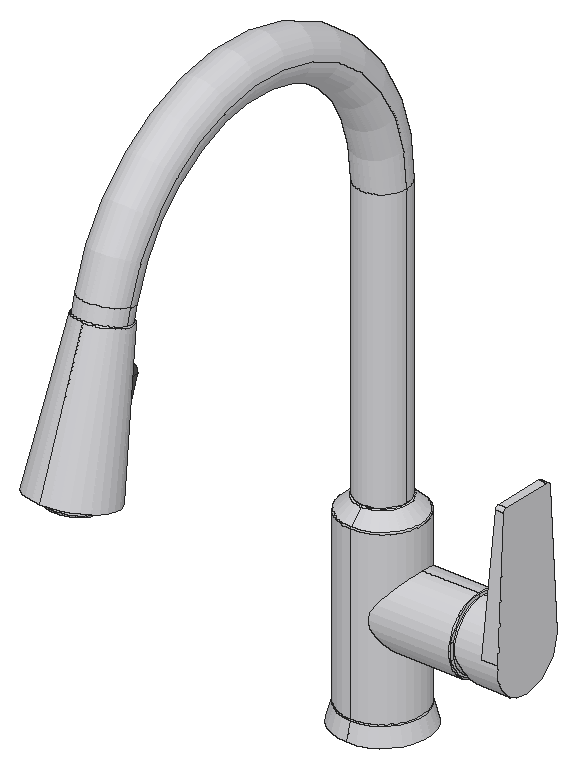
Revit family "Faucet-Kitchen-KOHLER-Taut-K-21367M", category Plumbing Fixtures, host Face, Revit 2017
Family settings
  Host = Face
  Round Connector Dimension = Use Diameter
  Part Type = Normal
  OmniClass Number = 23.31.11.00
  OmniClass Title = Faucets
  Cut with Voids When Loaded = No
  Shared = No
  Room Calculation Point = No
Parameters (values of type "CP-Polished Chrome")
  Width = 2"  # constant formula
  WaterSense Certified = 1 = 0  # no
  Waste Water Outlet = "Waste Water Outlet"  # constant formula
  Waste Connection = 1 = 0  # no
  Vent Connection = 1 = 0  # no
  URL = "https://la.kohler.com/es?country=MX"
  Type = 1
  Spout Reach = 8 189/256"  # constant formula
  Product Page URL = "https://la.kohler.com/es/product-detail/21367m-4?skuid=K-21367M-4-CP"
  Product Name = "Taut"  # constant formula
  Product Documentation Link = "http://resources.kohler.com/plumbing/kohlerla/pdf/21367T-4%20Taut%20Kitchen%20Pull%20Spec%20Sheet.pdf"
  Pressure = 60.00 psi  # constant formula
  Model = "K-21367M-4-CP"  # constant formula
  Material = "Premium Metal Construction"  # constant formula
  Master Format 2014 Name = "Residential Faucets, Supplies, and Trim"  # constant formula
  Master Format 2014 = "22 41 39"  # constant formula
  Manufacturer Address = "KOHLER Co. 444 Highland Dr. Kohler, WI 53044"  # constant formula
  Manufacturer = "KOHLER Co."  # constant formula
  Length = Spout Reach  # 8 189/256"
  Hot Water Inlet = "Hot Water Inlet"  # constant formula
  Height = 15 81/256"  # constant formula
  Handle Clearance = 3 19/128"  # constant formula
  HW Connection = 1 = 1  # yes
  Flow Rate = 6.8 GPM  # constant formula
  Finish = Kohler-Metal-CP-Polished_Chrome
  Environmental Product Declaration = ""
  Drain Included = 1 = 0  # no
  Description = "Extensible kitchen faucet"  # constant formula
  Default Elevation = 36"
  Declare Label = ""
  Date Modified = "10/08/2020"  # constant formula
  Date Created = "10/08/2020"  # constant formula
  Copyright = "Copyright KOHLER Co."  # constant formula
  Contact Us = "https://la.kohler.com/es/contact-us-page"
  Cold Water Inlet = "Cold Water Inlet"  # constant formula
  CW Connection = 1 = 1  # yes
  Assembly Code = "D2010"
  ADA Compliant = 1 = 0  # no
Reference planes (in)
  plane 1 "Center (Front/Back)": y = 0
  plane 2: z = 0
  plane 3 "Center (Left/Right)": x = 0
  plane 4: y = 1.00394
  plane 5: y = 0.55118
  plane 6: y = -0.55118
  plane 7: y = -1.00394
  plane 8: y = -8.73828
  plane 9: x = 3.22835
  plane 10: x = 1.00394
  plane 11: x = 0.88583
  plane 12: x = 0.64453
  plane 13: x = -0.55118
  plane 14: x = -0.64453
  plane 15: x = -0.88583
  plane 16: x = -0.99606
  plane 17: z = 15.31641
  plane 18: z = 8.07087
  plane 19: z = 5.62875
  plane 20: z = 2.48031
  plane 21: through (0, -9.6463, 12.00634) normal (0, -0.2588, -0.9659)
  plane 22: through (0, -6.79728, 15.31478) normal (0, -0.9659, 0.2588)
Dimensions and locks (in)
  nested 1 to plane 9 = 3.22835"
  plane 7 to plane 4 = 2.00787"
  "Height": plane 17 to level
  plane 20 to level = 2.48031"
  "Handle Clearance": plane 19 to plane 20
  "Spout Reach": plane 1 "Center (Front/Back)" to plane 8
  "Width": plane 16 to plane 10
  plane 9 to plane 3 "Center (Left/Right)" = 3.22835"
  locked: plane 18 to plane 2 at 8.07087
  locked: nested 1 to plane 21 at 3.34646
  aligned and locked: plane 2 to host face
  aligned and locked: level to host face
Automatic sketch dimensions
  host sketch curve to host sketch curve = 96"  (x2)
Nested families (in)
  nested 1: "K-21367M" at (0, 0, 0), type "K-21367M"
Connectors (in)
  piping at (-0.64308, 0, 0), diameter 0.5, driven by "Flow Rate", driven by "Pressure", driven by "HW Connection", driven by "Hot Water Inlet", driven by "HW Connection"
    settings: on nested 1, index 1, connector inside diameter 24", connector length 0", flow factor 0, pipe flow 6.8 GPM, pressure drop 60.00 psi, fitting loss kfactor 0, connector angle 0.00°, fixture units 0, engagement length 0", angle of deflection 0.00°, flow configuration 1, flow direction 1, fitting loss method 4, system type 19, joint type 0, gender type 0, connector reference index -1, connector utility 1, adjustable connector yes, is connector primary yes, connector description "Hot Water Inlet"
  piping at (0.64308, 0, 0), diameter 0.5, driven by "Flow Rate", driven by "Pressure", driven by "CW Connection", driven by "Cold Water Inlet", driven by "CW Connection"
    settings: on nested 1, index 2, connector inside diameter 24", connector length 0", flow factor 0, pipe flow 6.8 GPM, pressure drop 60.00 psi, fitting loss kfactor 0, connector angle 0.00°, fixture units 0, engagement length 0", angle of deflection 0.00°, flow configuration 1, flow direction 1, fitting loss method 4, system type 20, joint type 0, gender type 0, connector reference index -1, connector utility 1, adjustable connector yes, is connector primary no, connector description "Cold Water Inlet"
Definition of nested family "K-21367M"
  Parameters (values of type "K-21367M")
    Material = none
  Reference planes (in)
    plane 1 "Center (Front/Back)": y = 0
    plane 2: z = 0
    plane 3 "Center (Left/Right)": x = 0
    plane 4: x = 3.22835
    plane 5: x = 1.00394
    plane 6: x = -1.00394
    plane 7: y = 1.00394
    plane 8: y = -1.00394
    plane 9: y = -8.74016
    plane 10: y = 0.55118
    plane 11: y = -0.55118
    plane 12: z = 15.31496
    plane 13: z = 8.07087
    plane 14: z = 5.62992
    plane 15: z = 2.48031
    plane 16: z = 4.52756
    plane 17: x = -0.55118
    plane 18: x = 0.55118
    plane 19: x = -0.88583
    plane 20: x = 0.88583
    plane 21: through (0, -8.74016, 8.07087) normal (0, 0.9659, -0.2588)
    plane 22 "nozzel skech": through (0, -7.85543, 8.06197) normal (0, 0.2588, 0.9659)
    plane 23: through (0, -6.29585, 11.10859) normal (0, 0.2588, 0.9659)
    plane 24: x = -0.64453
    plane 25: x = 0.64453
  Forms (in)
    Revolve 1, solid, material <- "Material", detail levels coarse
      sketch origin (0, 0, 0) x (0, 1, 0) y (0, 0, 1)
        loop
          line (-8.74016, 8.07087) -> (-7.81699, 11.51618) -> (-8.38021, 11.66709) -> (-9.6463, 8.31367) -> (-8.74016, 8.07087)
        axis (-7.81699, 11.51618) -> (-8.74016, 8.07087)
      angle from 0 to 360
    Revolve 2, solid, material <- "Material", detail levels medium+fine
      sketch origin (0, 0, 0) x (0, 1, 0) y (0, 0, 1)
        loop
          line (0, 0) -> (1.00394, 0) -> (0.89036, 0.37858)
          arc (0.89036, 0.37858) -> (0.88697, 0.39386) -> (0.88583, 0.40947) r 0.10751
          line (0.88583, 0.40947) -> (0.88583, 4.21215)
          arc (0.88583, 4.21215) -> (0.88195, 4.23057) -> (0.87097, 4.24586) r 0.04569
          line (0.87097, 4.24586) -> (0.57628, 4.51543)
          arc (0.57628, 4.51543) -> (0.5618, 4.52442) -> (0.54504, 4.52756) r 0.04628
          line (0.54504, 4.52756) -> (0.39377, 4.52756) -> (0.39377, 4.58981) -> (0, 4.58981) -> (0, 0)
        axis (0, 4.58981) -> (0, 0)
      angle from 0 to 360
    Sweep 3, solid, material <- "Material", detail levels medium+fine
      path origin (0, 0, 0) x (0, 1, 0) y (0, 0, 1)
        loop
          line (0, 4.55906) -> (0, 10.83294)
          arc (0, 10.83294) -> (-3.41764, 14.73001) -> (-7.72747, 11.85028) r 3.9307
          line (-7.72747, 11.85028) -> (-8.32648, 9.61475)
      profile origin (0, 0, 7.696) x (0, -1, 0) y (1, 0, 0)
        loop
          circle (0, 0) r 0.55118
    Extrusion 4, solid, detail levels medium+fine
      sketch origin (0, 1.48928, 5.55806) x (0, 0.965926, -0.258819) y (-1, 0, 0)
        loop
          circle (-9.93592, -0.00296) r 0.05078
        loop
          circle (-9.95697, -0.15694) r 0.05078
        loop
          circle (-10.01715, -0.30022) r 0.05078
        loop
          circle (-10.11237, -0.42305) r 0.05078
        loop
          circle (-10.23614, -0.51704) r 0.05078
        loop
          circle (-10.38001, -0.5758) r 0.05078
        loop
          circle (-10.5342, -0.59532) r 0.05078
        loop
          circle (-10.68818, -0.57427) r 0.05078
        loop
          circle (-10.83146, -0.51408) r 0.05078
        loop
          circle (-10.95428, -0.41886) r 0.05078
        loop
          circle (-11.04828, -0.2951) r 0.05078
        loop
          circle (-11.10704, -0.15122) r 0.05078
        loop
          circle (-11.12656, 0.00296) r 0.05078
        loop
          circle (-11.10551, 0.15694) r 0.05078
        loop
          circle (-11.04532, 0.30022) r 0.05078
        loop
          circle (-10.9501, 0.42305) r 0.05078
        loop
          circle (-10.82634, 0.51704) r 0.05078
        loop
          circle (-10.68246, 0.5758) r 0.05078
        loop
          circle (-10.52828, 0.59532) r 0.05078
        loop
          circle (-10.3743, 0.57427) r 0.05078
        loop
          circle (-10.23102, 0.51408) r 0.05078
        loop
          circle (-10.10819, 0.41886) r 0.05078
        loop
          circle (-10.0142, 0.2951) r 0.05078
        loop
          circle (-9.95544, 0.15122) r 0.05078
      from -0.06417 to 0.14173
    Revolve 5, solid, material <- "Material", detail levels medium+fine
      sketch origin (0, 0, 0) x (1, 0, 0) y (0, 0, 1)
        loop
          line (0, 2.48031) -> (2.55906, 2.48031) -> (2.55906, 3.04831)
          arc (2.55906, 3.04831) -> (2.55405, 3.06859) -> (2.54017, 3.0842) r 0.04353
          arc (2.54017, 3.0842) -> (2.36115, 3.17939) -> (2.16535, 3.23203) r 0.89853
          line (2.16535, 3.23203) -> (2.16535, 3.28716)
          arc (2.16535, 3.28716) -> (2.15952, 3.30125) -> (2.14543, 3.30709) r 0.01993
          line (2.14543, 3.30709) -> (0, 3.30709) -> (0, 2.48031)
        axis (0, 2.48031) -> (2.55906, 2.48031)
      angle from 0 to 360
    Revolve 6, solid, material <- "Material", detail levels medium+fine
      sketch origin (0, 0, 0) x (1, 0, 0) y (0, 0, 1)
        loop
          line (2.26969, 3.30709) -> (2.26969, 2.48031) -> (3.22842, 2.48031) -> (3.22842, 3.30709) -> (2.26969, 3.30709)
        axis (2.26969, 2.48031) -> (3.22842, 2.48031)
      angle from 0 to 360
    Extrusion 7, void
      sketch origin (0, 0, 0) x (1, 0, 0) y (0, 0, 1)
        loop
          line (2.68503, 1.60499) -> (2.30922, 2.41093)
          arc (2.30922, 2.41093) -> (2.27969, 2.49792) -> (2.26969, 2.58925) r 0.42193
          line (2.26969, 2.58925) -> (2.22607, 2.58925) -> (2.22607, 1.60499) -> (2.68503, 1.60499)
      from -0.9794 to 1.02401
    Extrusion 8, solid, material <- "Material", detail levels medium+fine
      sketch origin (0, 0, 0) x (0, 1, 0) y (0, 0, 1)
        loop
          arc (-0.56614, 5.62992) -> (-0.61879, 5.60903) -> (-0.64278, 5.55773) r 0.07678
          line (-0.64278, 5.55773) -> (-0.82677, 2.48031)
          arc (-0.82677, 2.48031) -> (0.02488, 1.65392) -> (0.82527, 2.53006) r 0.82677
          line (0.82527, 2.53006) -> (0.64298, 5.55436)
          arc (0.64298, 5.55436) -> (0.61785, 5.60806) -> (0.56273, 5.62992) r 0.0804
          line (0.56273, 5.62992) -> (-0.56614, 5.62992)
      from 2.78365 to 3.22835
    Extrusion 9, void
      sketch origin (0, 0, 0) x (1, 0, 0) y (0, 0, 1)
        loop
          line (2.81016, 1.46115) -> (3.06095, 5.87251) -> (2.74674, 5.87251) -> (2.74674, 1.46115) -> (2.81016, 1.46115)
      from -1.11444 to 1.40097
    Extrusion 10, void
      sketch origin (0, 0, 0) x (1, 0, 0) y (0, 1, 0)
        loop
          circle (2.70484, 0) r 0.14358
      from 3.2658 to 3.50303
    Extrusion 11, solid
      sketch origin (0, 0, 0) x (1, 0, 0) y (0, 0, 1)
        loop
          arc (-0.27559, 9.31322) -> (0, 9.03763) -> (0.27559, 9.31322) r 0.27559
          line (0.27559, 9.31322) -> (0.27559, 10.19978)
          arc (0.27559, 10.19978) -> (0, 10.47537) -> (-0.27559, 10.19978) r 0.27559
          line (-0.27559, 10.19978) -> (-0.27559, 9.31322)
      from 6.85497 to 7.86597
    Extrusion 12, void
      sketch origin (0, 0, 0) x (0, 1, 0) y (0, 0, 1)
        loop
          line (-7.63561, 9.0376) -> (-7.53104, 8.93303) -> (-6.67754, 8.93303) -> (-6.67754, 10.48369) -> (-7.35003, 10.48369)
          arc (-7.35003, 10.48369) -> (-7.20822, 10.35878) -> (-7.20094, 10.16995) r 0.23977
          line (-7.20094, 10.16995) -> (-7.63561, 9.0376)
        loop
          line (-7.78201, 8.97863) -> (-7.53322, 10.49426) -> (-7.92016, 10.49426) -> (-7.92016, 8.97863) -> (-7.78201, 8.97863)
      from -0.9086 to 0.92741
    Revolve 13, solid, material <- "Material", detail levels medium+fine
      sketch origin (0, 0, 0) x (0, 1, 0) y (0, 0, 1)
        loop
          arc (-7.12863, 11.79266) -> (-7.12078, 11.90656) -> (-7.15637, 12.01504) r 0.29769
          line (-7.15637, 12.01504) -> (-7.22483, 12.03338) -> (-7.27856, 11.83284) -> (-7.12863, 11.79266)
        axis (-7.12863, 11.79266) -> (-7.27856, 11.83284)
      angle from 0 to 360
    Extrusion 14, solid, material <- "Material", detail levels medium+fine
      sketch origin (0, 0, 0) x (1, 0, 0) y (0, 1, 0)
        loop
          circle (-0.64308, 0) r 0.25
        loop
          circle (0.64308, 0) r 0.25
      from 0 to 0.09869
    Revolve 15, solid, material <- "Material", detail levels coarse
      sketch origin (0, 0, 0) x (0, 1, 0) y (0, 0, 1)
        loop
          line (0, 0) -> (1.00394, 0) -> (0.88583, 0.39369) -> (0.88583, 4.58981) -> (0, 4.58981) -> (0, 0)
        axis (0, 4.58981) -> (0, 0)
      angle from 0 to 360
    Revolve 16, solid, material <- "Material", detail levels coarse
      sketch origin (0, 0, 0) x (1, 0, 0) y (0, 0, 1)
        loop
          line (0, 2.48031) -> (3.22842, 2.48031) -> (3.22842, 3.30709) -> (0, 3.30709) -> (0, 2.48031)
        axis (0, 2.48031) -> (3.22842, 2.48031)
      angle from 0 to 360
    Extrusion 17, solid, material <- "Material", detail levels coarse
      sketch origin (0.04134, 0, 0) x (0, 1, 0) y (0, 0, 1)
        loop
          arc (-0.56614, 5.62992) -> (-0.61879, 5.60903) -> (-0.64278, 5.55773) r 0.07678
          line (-0.64278, 5.55773) -> (-0.82677, 2.48031)
          arc (-0.82677, 2.48031) -> (0.02488, 1.65392) -> (0.82527, 2.53006) r 0.82677
          line (0.82527, 2.53006) -> (0.64298, 5.55436)
          arc (0.64298, 5.55436) -> (0.61785, 5.60806) -> (0.56273, 5.62992) r 0.0804
          line (0.56273, 5.62992) -> (-0.56614, 5.62992)
      from 2.78365 to 3.22835
    Sweep 18, solid, material <- "Material", detail levels coarse
      path origin (0, 0, 0) x (0, 1, 0) y (0, 0, 1)
        loop
          line (0, 4.55906) -> (0, 10.83294)
          arc (0, 10.83294) -> (-3.41764, 14.73001) -> (-7.72747, 11.85028) r 3.9307
          line (-7.72747, 11.85028) -> (-8.24511, 9.91842)
      profile origin (0, 0, 7.696) x (0, -1, 0) y (1, 0, 0)
        loop
          circle (0, 0) r 0.55118
    Revolve 19, solid, material <- "Material", detail levels medium+fine
      sketch origin (0, 0, 0) x (0, 1, 0) y (0, 0, 1)
        loop
          line (-8.74016, 8.07087) -> (-7.81699, 11.51618) -> (-8.3609, 11.66192)
          arc (-8.3609, 11.66192) -> (-8.37669, 11.66024) -> (-8.38727, 11.64839) r 0.02207
          line (-8.38727, 11.64839) -> (-9.56807, 8.52087) -> (-9.38571, 8.47201)
          arc (-9.38571, 8.47201) -> (-9.35916, 8.47379) -> (-9.33925, 8.49143) r 0.04118
          line (-9.33925, 8.49143) -> (-9.18017, 8.44881)
          arc (-9.18017, 8.44881) -> (-9.1703, 8.4231) -> (-9.1472, 8.4081) r 0.04456
          arc (-9.1472, 8.4081) -> (-9.13525, 8.39893) -> (-9.13329, 8.384) r 0.01968
          line (-9.13329, 8.384) -> (-9.17906, 8.21316)
          arc (-9.17906, 8.21316) -> (-9.17668, 8.19506) -> (-9.1622, 8.18395) r 0.02385
          line (-9.1622, 8.18395) -> (-8.74016, 8.07087)
        axis (-7.81699, 11.51618) -> (-8.74016, 8.07087)
      angle from 0 to 360
  Cuts and joins
    Extrusion 7, Extrusion 10 cuts Revolve 6
    Extrusion 9 cuts Extrusion 8
    joined: Revolve 2, Sweep 3, Revolve 5, Revolve 6, Extrusion 8, Revolve 13, Revolve 19
    joined: Revolve 15, Extrusion 17, Sweep 18
    joined: Revolve 1, Revolve 16
    Extrusion 12 cuts Extrusion 11
  Lines and regions (in)
    Masking region 1
      outline origin (0, 0, 0) x (1, 0, 0) y (0, 1, 0)
        loop
          line (-0.55118, -7.6429) -> (-0.88583, -8.74016)
          spline (-0.88583, -8.74016) -> (-0.85564, -8.95315) -> (-0.76715, -9.15162) -> (-0.62637, -9.32206) -> (-0.44291, -9.45283) -> (-0.22927, -9.53505) -> (0, -9.56309) -> (0.22927, -9.53505) -> (0.44291, -9.45283) -> (0.62637, -9.32206) -> (0.76715, -9.15162) -> (0.85564, -8.95315) -> (0.88583, -8.74016)
          line (0.88583, -8.74016) -> (0.55118, -7.6429) -> (0.55118, -0.82677) -> (2.14502, -0.82677)
          arc (2.14502, -0.82677) -> (2.1594, -0.82082) -> (2.16535, -0.80644) r 0.02033
          line (2.16535, -0.80644) -> (2.16535, -0.75172)
          arc (2.16535, -0.75172) -> (2.21779, -0.74155) -> (2.26969, -0.7289) r 1.11815
          line (2.26969, -0.7289) -> (2.26969, -0.80654)
          arc (2.26969, -0.80654) -> (2.27561, -0.82085) -> (2.28992, -0.82677) r 0.02023
          line (2.28992, -0.82677) -> (3.20712, -0.82677)
          arc (3.20712, -0.82677) -> (3.22218, -0.82053) -> (3.22842, -0.80547) r 0.0213
          line (3.22842, -0.80547) -> (3.22842, 0.80545)
          arc (3.22842, 0.80545) -> (3.22217, 0.82053) -> (3.20709, 0.82677) r 0.02132
          line (3.20709, 0.82677) -> (2.28992, 0.82677)
          arc (2.28992, 0.82677) -> (2.27561, 0.82085) -> (2.26969, 0.80654) r 0.02023
          line (2.26969, 0.80654) -> (2.26969, 0.7289)
          arc (2.26969, 0.7289) -> (2.21779, 0.74155) -> (2.16535, 0.75172) r 1.11815
          line (2.16535, 0.75172) -> (2.16535, 0.80644)
          arc (2.16535, 0.80644) -> (2.1594, 0.82082) -> (2.14502, 0.82677) r 0.02033
          line (2.14502, 0.82677) -> (0.56951, 0.82677)
          arc (0.56951, 0.82677) -> (-0.83299, 0.56038) -> (-0.55118, -0.8391) r 1.00394
          line (-0.55118, -0.8391) -> (-0.55118, -7.6429)
    Masking region 2
      outline origin (0, 0, 0) x (1, 0, 0) y (0, 0, 1)
        loop
          line (1.00394, 0) -> (0.89049, 0.38268)
          arc (0.89049, 0.38268) -> (0.887, 0.3986) -> (0.88583, 0.41485) r 0.11318
          line (0.88583, 0.41485) -> (0.88583, 1.53619)
          arc (0.88583, 1.53619) -> (0.9202, 1.61917) -> (1.00318, 1.65354) r 0.11735
          line (1.00318, 1.65354) -> (2.14518, 1.65354)
          arc (2.14518, 1.65354) -> (2.15945, 1.65945) -> (2.16535, 1.67371) r 0.02017
          line (2.16535, 1.67371) -> (2.16535, 1.7286)
          arc (2.16535, 1.7286) -> (2.36915, 1.78387) -> (2.55414, 1.88568) r 0.88836
          line (2.55414, 1.88568) -> (2.65419, 1.67113)
          arc (2.65419, 1.67113) -> (2.66543, 1.65831) -> (2.6818, 1.65354) r 0.03047
          line (2.6818, 1.65354) -> (3.20849, 1.65354)
          arc (3.20849, 1.65354) -> (3.22258, 1.65938) -> (3.22842, 1.67347) r 0.01993
          line (3.22842, 1.67347) -> (3.22842, 5.61034)
          arc (3.22842, 5.61034) -> (3.22268, 5.62418) -> (3.20883, 5.62992) r 0.01959
          line (3.20883, 5.62992) -> (3.06678, 5.62992)
          arc (3.06678, 5.62992) -> (3.05252, 5.62425) -> (3.04605, 5.61033) r 0.02077
          line (3.04605, 5.61033) -> (2.9151, 3.30709) -> (2.84842, 3.30709)
          arc (2.84842, 3.30709) -> (2.70484, 3.29329) -> (2.56126, 3.30709) r 0.75421
          line (2.56126, 3.30709) -> (2.28993, 3.30709)
          arc (2.28993, 3.30709) -> (2.27562, 3.30116) -> (2.26969, 3.28684) r 0.02025
          line (2.26969, 3.28684) -> (2.26969, 3.21026)
          arc (2.26969, 3.21026) -> (2.21785, 3.22271) -> (2.16535, 3.23203) r 0.88836
          line (2.16535, 3.23203) -> (2.16535, 3.28692)
          arc (2.16535, 3.28692) -> (2.15945, 3.30118) -> (2.14518, 3.30709) r 0.02017
          line (2.14518, 3.30709) -> (1.00318, 3.30709)
          arc (1.00318, 3.30709) -> (0.9202, 3.34146) -> (0.88583, 3.42444) r 0.11735
          line (0.88583, 3.42444) -> (0.88583, 4.21193)
          arc (0.88583, 4.21193) -> (0.88191, 4.23055) -> (0.87082, 4.24601) r 0.04618
          line (0.87082, 4.24601) -> (0.57713, 4.51465)
          arc (0.57713, 4.51465) -> (0.56172, 4.52422) -> (0.5439, 4.52756) r 0.04924
          line (0.5439, 4.52756) -> (0.3937, 4.52756) -> (0.3937, 4.55906) -> (0.55118, 4.55906) -> (0.55118, 8.0986)
          spline (0.55118, 8.0986) -> (0.60155, 8.1082) -> (0.64854, 8.11861) -> (0.6919, 8.12978) -> (0.73136, 8.14163) -> (0.76673, 8.15411) -> (0.79779, 8.16715) -> (0.82437, 8.18066) -> (0.84633, 8.19458) -> (0.86354, 8.20882) -> (0.8759, 8.22331) -> (0.88334, 8.23796) -> (0.88583, 8.2527)
          line (0.88583, 8.2527) -> (0.5872, 11.47878)
          arc (0.5872, 11.47878) -> (0.57589, 11.52121) -> (0.55118, 11.55752) r 0.13104
          line (0.55118, 11.55752) -> (0.55118, 14.76407)
          arc (0.55118, 14.76407) -> (0, 15.31525) -> (-0.55118, 14.76407) r 0.55118
          line (-0.55118, 14.76407) -> (-0.55118, 11.55752)
          arc (-0.55118, 11.55752) -> (-0.57589, 11.52121) -> (-0.5872, 11.47878) r 0.13104
          line (-0.5872, 11.47878) -> (-0.88583, 8.2527)
          spline (-0.88583, 8.2527) -> (-0.88334, 8.23796) -> (-0.8759, 8.22331) -> (-0.86354, 8.20882) -> (-0.84633, 8.19458) -> (-0.82437, 8.18066) -> (-0.79779, 8.16715) -> (-0.76673, 8.15411) -> (-0.73136, 8.14163) -> (-0.6919, 8.12978) -> (-0.64854, 8.11861) -> (-0.60155, 8.1082) -> (-0.55118, 8.0986)
          line (-0.55118, 8.0986) -> (-0.55118, 4.55906) -> (-0.3937, 4.55906) -> (-0.3937, 4.52756) -> (-0.5439, 4.52756)
          arc (-0.5439, 4.52756) -> (-0.56172, 4.52422) -> (-0.57713, 4.51465) r 0.04924
          line (-0.57713, 4.51465) -> (-0.87082, 4.24601)
          arc (-0.87082, 4.24601) -> (-0.88191, 4.23055) -> (-0.88583, 4.21193) r 0.04618
          line (-0.88583, 4.21193) -> (-0.88583, 0.41485)
          arc (-0.88583, 0.41485) -> (-0.887, 0.3986) -> (-0.89049, 0.38268) r 0.11318
          line (-0.89049, 0.38268) -> (-1.00394, 0) -> (-0.02193, 0) -> (1.00394, 0)
    Masking region 3
      outline origin (0, 0, 0) x (0, 1, 0) y (0, 0, 1)
        loop
          line (-1.00394, 0) -> (1.00394, 0) -> (0.89036, 0.37858)
          arc (0.89036, 0.37858) -> (0.88697, 0.39386) -> (0.88583, 0.40947) r 0.10751
          line (0.88583, 0.40947) -> (0.88583, 4.21215)
          arc (0.88583, 4.21215) -> (0.88195, 4.23057) -> (0.87097, 4.24586) r 0.04569
          line (0.87097, 4.24586) -> (0.71315, 4.39023) -> (0.64298, 5.55436)
          arc (0.64298, 5.55436) -> (0.61349, 5.61188) -> (0.55118, 5.62909) r 0.0804
          line (0.55118, 5.62909) -> (0.55118, 10.83294)
          arc (0.55118, 10.83294) -> (-3.3457, 15.27647) -> (-8.25987, 11.99293) r 4.48188
          line (-8.25987, 11.99293) -> (-8.34043, 11.69226) -> (-8.3609, 11.66192)
          arc (-8.3609, 11.66192) -> (-8.37669, 11.66024) -> (-8.38727, 11.64839) r 0.02207
          line (-8.38727, 11.64839) -> (-9.5605, 8.54092)
          arc (-9.5605, 8.54092) -> (-9.55962, 8.52521) -> (-9.54738, 8.51532) r 0.0194
          line (-9.54738, 8.51532) -> (-9.3072, 8.45097) -> (-9.32381, 8.38899) -> (-9.1448, 8.34103) -> (-9.17906, 8.21316)
          arc (-9.17906, 8.21316) -> (-9.17668, 8.19506) -> (-9.1622, 8.18395) r 0.02385
          line (-9.1622, 8.18395) -> (-8.74016, 8.07087) -> (-8.31812, 7.95778)
          arc (-8.31812, 7.95778) -> (-8.30002, 7.96016) -> (-8.28891, 7.97465) r 0.02385
          line (-8.28891, 7.97465) -> (-8.25464, 8.10251) -> (-8.07564, 8.05454) -> (-8.05903, 8.11652) -> (-7.81886, 8.05217)
          arc (-7.81886, 8.05217) -> (-7.80332, 8.05461) -> (-7.79469, 8.06777) r 0.0194
          line (-7.79469, 8.06777) -> (-7.6356, 9.03763) -> (-7.20094, 10.16995)
          arc (-7.20094, 10.16995) -> (-7.20274, 10.34636) -> (-7.32475, 10.47378) r 0.23977
          line (-7.32475, 10.47378) -> (-7.40001, 10.47378) -> (-7.25701, 11.34554)
          arc (-7.25701, 11.34554) -> (-7.26025, 11.36108) -> (-7.27308, 11.37044) r 0.02207
          line (-7.27308, 11.37044) -> (-7.27563, 11.40695) -> (-7.20887, 11.65611)
          arc (-7.20887, 11.65611) -> (-7.13053, 11.78435) -> (-7.12564, 11.93455) r 0.29463
          arc (-7.12564, 11.93455) -> (-3.37222, 14.16599) -> (-0.55118, 10.83294) r 3.37952
          line (-0.55118, 10.83294) -> (-0.55118, 5.62845)
          arc (-0.55118, 5.62845) -> (-0.61306, 5.61392) -> (-0.64278, 5.55773) r 0.07678
          line (-0.64278, 5.55773) -> (-0.71255, 4.39078) -> (-0.87097, 4.24586)
          arc (-0.87097, 4.24586) -> (-0.88195, 4.23057) -> (-0.88583, 4.21215) r 0.04569
          line (-0.88583, 4.21215) -> (-0.88583, 0.40947)
          arc (-0.88583, 0.40947) -> (-0.88697, 0.39386) -> (-0.89036, 0.37858) r 0.10751
          line (-0.89036, 0.37858) -> (-1.00394, 0)
    symbolic lines, detail levels medium+fine
      curve 1: arc (-0.55118, 0, 0) -> (0, 0.55118, 0) -> (0.55118, 0, 0) r 0.55118
      curve 2: line (-0.55118, 0, 0) -> (-0.55118, -0.8391, 0)
      curve 3: line (0.55118, 0, 0) -> (0.55118, -0.82677, 0)
      curve 4: arc (0.55118, -0.69346, 0) -> (0, 0.88583, 0) -> (-0.55118, -0.69346, 0) r 0.88583
      curve 5: line (0.56951, 0.82677, 0) -> (0.31802, 0.82677, 0)
      curve 6: line (2.16535, 0.75172, 0) -> (2.16535, -0.75172, 0)
      curve 7: line (2.26969, 0.7289, 0) -> (2.26969, -0.72142, 0)
      curve 8: arc (2.56126, 0, 0) -> (2.70484, -0.14358, 0) -> (2.84842, 0, 0) r 0.14358
      curve 9: arc (2.84842, 0, 0) -> (2.70484, 0.14358, 0) -> (2.56126, 0, 0) r 0.14358
      curve 10: spline (2.9151, 0.0044, 0) -> (2.9147, 0.10788, 0) -> (2.91356, 0.20965, 0) -> (2.91171, 0.30811, 0) -> (2.90918, 0.40172, 0) -> (2.906, 0.48901, 0) -> (2.90222, 0.5686, 0) -> (2.89791, 0.63924, 0) -> (2.89313, 0.69983, 0) -> (2.88796, 0.7494, 0) -> (2.88248, 0.78719, 0) -> (2.87677, 0.81259, 0) -> (2.87093, 0.82521, 0)
      curve 11: spline (2.87365, -0.82094, 0) -> (2.87926, -0.80314, 0) -> (2.88471, -0.7735, 0) -> (2.88991, -0.73244, 0) -> (2.89479, -0.68057, 0) -> (2.89928, -0.61865, 0) -> (2.90331, -0.54761, 0) -> (2.90682, -0.46848, 0) -> (2.90977, -0.38244, 0) -> (2.9121, -0.29075, 0) -> (2.91378, -0.19476, 0) -> (2.91478, -0.09589, 0) -> (2.9151, 0.0044, 0)
      curve 12: line (3.04716, 0.56267, 0) -> (3.04716, -0.567, 0)
      curve 13: spline (3.04286, 0.64298, 0) -> (3.04343, 0.64174, 0) -> (3.04399, 0.63926, 0) -> (3.04453, 0.63555, 0) -> (3.04503, 0.6307, 0) -> (3.0455, 0.62476, 0) -> (3.04592, 0.61785, 0) -> (3.04628, 0.61005, 0) -> (3.04659, 0.60151, 0) -> (3.04684, 0.59235, 0) -> (3.04702, 0.58272, 0) -> (3.04712, 0.57277, 0) -> (3.04716, 0.56267, 0)
      curve 14: line (2.87093, 0.82527, 0) -> (3.04286, 0.64298, 0)
      curve 15: spline (3.04716, -0.567, 0) -> (3.04712, -0.57657, 0) -> (3.04701, -0.58598, 0) -> (3.04684, -0.59507, 0) -> (3.0466, -0.60372, 0) -> (3.04631, -0.61178, 0) -> (3.04595, -0.61912, 0) -> (3.04555, -0.62564, 0) -> (3.04511, -0.63122, 0) -> (3.04463, -0.63579, 0) -> (3.04412, -0.63928, 0) -> (3.0436, -0.64162, 0) -> (3.04306, -0.64278, 0)
      curve 16: line (3.04306, -0.64278, 0) -> (2.87365, -0.82094, 0)
      curve 17: line (3.04286, 0.64298, 0) -> (3.22842, 0.64298, 0)
      curve 18: line (3.04306, -0.64278, 0) -> (3.22835, -0.64278, 0)
      curve 19: spline (-0.55118, -7.6429, 0) -> (-0.5324, -7.74479, 0) -> (-0.47734, -7.83975, 0) -> (-0.38974, -7.92128, 0) -> (-0.27559, -7.98385, 0) -> (-0.14266, -8.02318, 0) -> (0, -8.0366, 0) -> (0.14266, -8.02318, 0) -> (0.27559, -7.98385, 0) -> (0.38974, -7.92128, 0) -> (0.47734, -7.83975, 0) -> (0.5324, -7.74479, 0) -> (0.55118, -7.6429, 0)
      curve 20: spline (-0.55118, -7.29841, 0) -> (-0.5324, -7.42916, 0) -> (-0.47734, -7.551, 0) -> (-0.38974, -7.65563, 0) -> (-0.27559, -7.73592, 0) -> (-0.14266, -7.78639, 0) -> (0, -7.8036, 0) -> (0.14266, -7.78639, 0) -> (0.27559, -7.73592, 0) -> (0.38974, -7.65563, 0) -> (0.47734, -7.551, 0) -> (0.5324, -7.42916, 0) -> (0.55118, -7.29841, 0)
      curve 21: line (-0.39377, 0, 4.55906) -> (0.3937, 0, 4.55906)
      curve 22: line (-0.3937, 0, 4.52756) -> (0.39377, 0, 4.52756)
      curve 23: line (-0.89049, 0, 0.38268) -> (0.89049, 0, 0.38268)
      curve 24: line (-0.88583, 0, 0.41485) -> (0.88583, 0, 0.41485)
      curve 25: line (0.87082, 0, 4.24601) -> (-0.87082, 0, 4.24601)
      curve 26: line (-0.88583, 0, 4.21193) -> (0.88583, 0, 4.21193)
      curve 27: line (0.9202, 0, 1.61917) -> (0.9202, 0, 3.34146)
      curve 28: line (2.16535, 0, 3.23203) -> (2.16535, 0, 1.7286)
      curve 29: line (2.26969, 0, 3.20991) -> (2.26969, 0, 2.58925)
      curve 30: arc (2.30922, 0, 2.41093) -> (2.27969, 0, 2.49792) -> (2.26969, 0, 2.58925) r 0.42193
      curve 31: line (2.55414, 0, 1.88568) -> (2.30922, 0, 2.41093)
      curve 32: spline (-0.14229, 0, 8.20507) -> (-0.3254, 0, 8.17425) -> (-0.43765, 0, 8.12395) -> (-0.45458, 0, 8.06512) -> (-0.3725, 0, 8.01059) -> (-0.2093, 0, 7.97225) -> (-0.00054, 0, 7.95844) -> (0.20828, 0, 7.97218) -> (0.37165, 0, 8.01047) -> (0.45397, 0, 8.06497) -> (0.4373, 0, 8.1238) -> (0.32527, 0, 8.17415) -> (0.14229, 0, 8.20503)
      curve 33: line (0.45969, 0, 8.08484) -> (0.45969, 0, 8.32344)
      curve 34: spline (-0.00296, 0, 8.38899) -> (-0.0161, 0, 8.38854) -> (-0.02835, 0, 8.38723) -> (-0.03887, 0, 8.38514) -> (-0.04694, 0, 8.38242) -> (-0.05201, 0, 8.37925) -> (-0.05374, 0, 8.37585) -> (-0.05201, 0, 8.37245) -> (-0.04694, 0, 8.36928) -> (-0.03887, 0, 8.36655) -> (-0.02835, 0, 8.36447) -> (-0.0161, 0, 8.36315) -> (-0.00296, 0, 8.36271)
      curve 35: spline (-0.00296, 0, 8.36271) -> (0.01018, 0, 8.36315) -> (0.02243, 0, 8.36447) -> (0.03295, 0, 8.36655) -> (0.04102, 0, 8.36928) -> (0.04609, 0, 8.37245) -> (0.04782, 0, 8.37585) -> (0.04609, 0, 8.37925) -> (0.04102, 0, 8.38242) -> (0.03295, 0, 8.38514) -> (0.02243, 0, 8.38723) -> (0.01018, 0, 8.38854) -> (-0.00296, 0, 8.38899)
      curve 36: spline (0.16437, 0, 8.38349) -> (0.15122, 0, 8.38394) -> (0.13808, 0, 8.38349) -> (0.12583, 0, 8.38218) -> (0.11532, 0, 8.38009) -> (0.10725, 0, 8.37737) -> (0.10217, 0, 8.3742) -> (0.10044, 0, 8.3708) -> (0.10217, 0, 8.36739) -> (0.10725, 0, 8.36422) -> (0.11532, 0, 8.3615) -> (0.12583, 0, 8.35941) -> (0.13808, 0, 8.3581)
      curve 37: spline (0.13808, 0, 8.3581) -> (0.15122, 0, 8.35765) -> (0.16437, 0, 8.3581) -> (0.17661, 0, 8.35941) -> (0.18713, 0, 8.3615) -> (0.1952, 0, 8.36422) -> (0.20027, 0, 8.36739) -> (0.202, 0, 8.3708) -> (0.20027, 0, 8.3742) -> (0.1952, 0, 8.37737) -> (0.18713, 0, 8.38009) -> (0.17661, 0, 8.38218) -> (0.16437, 0, 8.38349)
      curve 38: spline (0.26971, 0, 8.34421) -> (0.28196, 0, 8.34289) -> (0.2951, 0, 8.34245) -> (0.30824, 0, 8.34289) -> (0.32049, 0, 8.34421) -> (0.33101, 0, 8.34629) -> (0.33908, 0, 8.34902) -> (0.34415, 0, 8.35219) -> (0.34588, 0, 8.35559) -> (0.34415, 0, 8.35899) -> (0.33908, 0, 8.36216) -> (0.33101, 0, 8.36488) -> (0.32049, 0, 8.36697)
      curve 39: spline (0.32049, 0, 8.36697) -> (0.30824, 0, 8.36828) -> (0.2951, 0, 8.36873) -> (0.28196, 0, 8.36828) -> (0.26971, 0, 8.36697) -> (0.25919, 0, 8.36488) -> (0.25112, 0, 8.36216) -> (0.24605, 0, 8.35899) -> (0.24432, 0, 8.35559) -> (0.24605, 0, 8.35219) -> (0.25112, 0, 8.34902) -> (0.25919, 0, 8.34629) -> (0.26971, 0, 8.34421)
      curve 40: spline (0.46925, 0, 8.32962) -> (0.4685, 0, 8.33403) -> (0.46215, 0, 8.33813) -> (0.45091, 0, 8.34146) -> (0.43605, 0, 8.34363) -> (0.41925, 0, 8.3444) -> (0.40241, 0, 8.34369) -> (0.38742, 0, 8.34158) -> (0.37598, 0, 8.3383) -> (0.36939, 0, 8.33423) -> (0.36839, 0, 8.32982) -> (0.37309, 0, 8.32557) -> (0.38296, 0, 8.32197)
      curve 41: spline (0.38296, 0, 8.32197) -> (0.39021, 0, 8.32041) -> (0.39846, 0, 8.31923) -> (0.4074, 0, 8.31846) -> (0.41674, 0, 8.31813) -> (0.42616, 0, 8.31825) -> (0.43532, 0, 8.31883) -> (0.44392, 0, 8.31983) -> (0.45165, 0, 8.32122) -> (0.45825, 0, 8.32297) -> (0.4635, 0, 8.32499) -> (0.46721, 0, 8.32724) -> (0.46925, 0, 8.32962)
      curve 42: spline (0.56486, 0, 8.29947) -> (0.56313, 0, 8.30287) -> (0.55806, 0, 8.30604) -> (0.54999, 0, 8.30876) -> (0.53947, 0, 8.31085) -> (0.52723, 0, 8.31217) -> (0.51408, 0, 8.31261) -> (0.50094, 0, 8.31217) -> (0.48869, 0, 8.31085) -> (0.47818, 0, 8.30876) -> (0.47011, 0, 8.30604) -> (0.46503, 0, 8.30287) -> (0.4633, 0, 8.29947) -> (0.46503, 0, 8.29607) -> (0.47011, 0, 8.2929) -> (0.47818, 0, 8.29018) -> (0.48869, 0, 8.28809) -> (0.50094, 0, 8.28678) -> (0.51408, 0, 8.28633) -> (0.52723, 0, 8.28678) -> (0.53947, 0, 8.28809) -> (0.54999, 0, 8.29018) -> (0.55806, 0, 8.2929) -> (0.56313, 0, 8.29607) -> (0.56486, 0, 8.29947)
      curve 43: spline (0.625, 0, 8.26179) -> (0.62357, 0, 8.26554) -> (0.6181, 0, 8.26902) -> (0.60903, 0, 8.27197) -> (0.59711, 0, 8.27412) -> (0.58332, 0, 8.27532) -> (0.56878, 0, 8.27545) -> (0.5547, 0, 8.27451) -> (0.54222, 0, 8.27258) -> (0.53237, 0, 8.26981) -> (0.52596, 0, 8.26643) -> (0.52351, 0, 8.26272) -> (0.52522, 0, 8.25898)
      curve 44: spline (0.52502, 0, 8.25918) -> (0.52931, 0, 8.25627) -> (0.53613, 0, 8.25371) -> (0.54509, 0, 8.25163) -> (0.55569, 0, 8.25015) -> (0.56733, 0, 8.24937) -> (0.57936, 0, 8.24931) -> (0.59111, 0, 8.24999) -> (0.60191, 0, 8.25136) -> (0.61115, 0, 8.25335) -> (0.61833, 0, 8.25585) -> (0.62303, 0, 8.25872) -> (0.625, 0, 8.26179)
      curve 45: spline (0.6461, 0, 8.22253) -> (0.64437, 0, 8.22594) -> (0.6393, 0, 8.22911) -> (0.63123, 0, 8.23183) -> (0.62071, 0, 8.23392) -> (0.60846, 0, 8.23523) -> (0.59532, 0, 8.23568) -> (0.58218, 0, 8.23523) -> (0.56993, 0, 8.23392) -> (0.55941, 0, 8.23183) -> (0.55134, 0, 8.22911) -> (0.54627, 0, 8.22594) -> (0.54454, 0, 8.22253)
      curve 46: spline (0.54454, 0, 8.22253) -> (0.54627, 0, 8.21913) -> (0.55134, 0, 8.21596) -> (0.55941, 0, 8.21324) -> (0.56993, 0, 8.21115) -> (0.58218, 0, 8.20984) -> (0.59532, 0, 8.20939) -> (0.60846, 0, 8.20984) -> (0.62071, 0, 8.21115) -> (0.63123, 0, 8.21324) -> (0.6393, 0, 8.21596) -> (0.64437, 0, 8.21913) -> (0.6461, 0, 8.22253)
      curve 47: spline (0.62658, 0, 8.17955) -> (0.62485, 0, 8.18295) -> (0.61978, 0, 8.18612) -> (0.61171, 0, 8.18885) -> (0.60119, 0, 8.19094) -> (0.58894, 0, 8.19225) -> (0.5758, 0, 8.1927) -> (0.56266, 0, 8.19225) -> (0.55041, 0, 8.19094) -> (0.53989, 0, 8.18885) -> (0.53182, 0, 8.18612) -> (0.52675, 0, 8.18295) -> (0.52502, 0, 8.17955)
      curve 48: spline (0.52502, 0, 8.17955) -> (0.52675, 0, 8.17615) -> (0.53182, 0, 8.17298) -> (0.53989, 0, 8.17026) -> (0.55041, 0, 8.16817) -> (0.56266, 0, 8.16686) -> (0.5758, 0, 8.16641) -> (0.58894, 0, 8.16686) -> (0.60119, 0, 8.16817) -> (0.61171, 0, 8.17026) -> (0.61978, 0, 8.17298) -> (0.62485, 0, 8.17615) -> (0.62658, 0, 8.17955)
      curve 49: spline (0.55445, 0, 8.12652) -> (0.55952, 0, 8.12969) -> (0.56125, 0, 8.13309) -> (0.55952, 0, 8.13649) -> (0.55445, 0, 8.13966) -> (0.54638, 0, 8.14238) -> (0.53586, 0, 8.14447) -> (0.52361, 0, 8.14578) -> (0.51047, 0, 8.14623) -> (0.49733, 0, 8.14578) -> (0.48508, 0, 8.14447) -> (0.47456, 0, 8.14238) -> (0.46649, 0, 8.13966)
      curve 50: spline (0.46649, 0, 8.13966) -> (0.46142, 0, 8.13649) -> (0.45969, 0, 8.13309) -> (0.46142, 0, 8.12969) -> (0.46649, 0, 8.12652) -> (0.47456, 0, 8.12379) -> (0.48508, 0, 8.12171) -> (0.49733, 0, 8.12039) -> (0.51047, 0, 8.11994) -> (0.52361, 0, 8.12039) -> (0.53586, 0, 8.12171) -> (0.54638, 0, 8.12379) -> (0.55445, 0, 8.12652)
      curve 51: line (0.56486, 0, 8.29947) -> (0.56486, 0, 8.41699)
      curve 52: line (0.36808, 0, 8.33126) -> (0.36808, 0, 8.4592)
      curve 53: line (0.34588, 0, 8.35559) -> (0.34588, 0, 8.46223)
      curve 54: line (0.24432, 0, 8.35559) -> (0.24432, 0, 8.47309)
      curve 55: line (0.202, 0, 8.3708) -> (0.202, 0, 8.47634)
      curve 56: line (0.10044, 0, 8.3708) -> (0.10044, 0, 8.48148)
      curve 57: line (0.04782, 0, 8.37585) -> (0.04782, 0, 8.48275)
      curve 58: line (-0.05374, 0, 8.37585) -> (-0.05374, 0, 8.48262)
      curve 59: line (0.46925, 0, 8.32962) -> (0.46925, 0, 8.44169)
      curve 60: line (0.62502, 0, 8.26193) -> (0.62502, 0, 8.39355)
      curve 61: line (0.6461, 0, 8.22253) -> (0.6461, 0, 8.38223)
      curve 62: line (0.52502, 0, 8.17955) -> (0.52502, 0, 8.28664)
      curve 63: line (0.54454, 0, 8.22253) -> (0.54454, 0, 8.25173)
      curve 64: line (0.45969, 0, 8.13309) -> (0.45969, 0, 8.23784)
      curve 65: line (0.55118, 0, 8.0986) -> (0.88583, 0, 8.2527)
      curve 66: arc (0.45969, 0, 8.08484) -> (0.50552, 0, 8.09113) -> (0.55118, 0, 8.0986) r 1.79652
      curve 67: spline (-0.88583, 0, 8.2527) -> (-0.85564, 0, 8.3242) -> (-0.76715, 0, 8.39083) -> (-0.62637, 0, 8.44805) -> (-0.44291, 0, 8.49195) -> (-0.22927, 0, 8.51955) -> (0, 0, 8.52896) -> (0.22927, 0, 8.51955) -> (0.44291, 0, 8.49195) -> (0.62637, 0, 8.44805) -> (0.76715, 0, 8.39083) -> (0.85564, 0, 8.3242) -> (0.88583, 0, 8.2527)
      curve 68: line (-0.45969, 0, 8.08484) -> (-0.45969, 0, 8.32344)
      curve 69: spline (-0.16437, 0, 8.38349) -> (-0.15122, 0, 8.38394) -> (-0.13808, 0, 8.38349) -> (-0.12583, 0, 8.38218) -> (-0.11532, 0, 8.38009) -> (-0.10725, 0, 8.37737) -> (-0.10217, 0, 8.3742) -> (-0.10044, 0, 8.3708) -> (-0.10217, 0, 8.36739) -> (-0.10725, 0, 8.36422) -> (-0.11532, 0, 8.3615) -> (-0.12583, 0, 8.35941) -> (-0.13808, 0, 8.3581)
      curve 70: spline (-0.13808, 0, 8.3581) -> (-0.15122, 0, 8.35765) -> (-0.16437, 0, 8.3581) -> (-0.17661, 0, 8.35941) -> (-0.18713, 0, 8.3615) -> (-0.1952, 0, 8.36422) -> (-0.20027, 0, 8.36739) -> (-0.202, 0, 8.3708) -> (-0.20027, 0, 8.3742) -> (-0.1952, 0, 8.37737) -> (-0.18713, 0, 8.38009) -> (-0.17661, 0, 8.38218) -> (-0.16437, 0, 8.38349)
      curve 71: spline (-0.26971, 0, 8.34421) -> (-0.28196, 0, 8.34289) -> (-0.2951, 0, 8.34245) -> (-0.30824, 0, 8.34289) -> (-0.32049, 0, 8.34421) -> (-0.33101, 0, 8.34629) -> (-0.33908, 0, 8.34902) -> (-0.34415, 0, 8.35219) -> (-0.34588, 0, 8.35559) -> (-0.34415, 0, 8.35899) -> (-0.33908, 0, 8.36216) -> (-0.33101, 0, 8.36488) -> (-0.32049, 0, 8.36697)
      curve 72: spline (-0.32049, 0, 8.36697) -> (-0.30824, 0, 8.36828) -> (-0.2951, 0, 8.36873) -> (-0.28196, 0, 8.36828) -> (-0.26971, 0, 8.36697) -> (-0.25919, 0, 8.36488) -> (-0.25112, 0, 8.36216) -> (-0.24605, 0, 8.35899) -> (-0.24432, 0, 8.35559) -> (-0.24605, 0, 8.35219) -> (-0.25112, 0, 8.34902) -> (-0.25919, 0, 8.34629) -> (-0.26971, 0, 8.34421)
      curve 73: spline (-0.46925, 0, 8.32962) -> (-0.4685, 0, 8.33403) -> (-0.46215, 0, 8.33813) -> (-0.45091, 0, 8.34146) -> (-0.43605, 0, 8.34363) -> (-0.41925, 0, 8.3444) -> (-0.40241, 0, 8.34369) -> (-0.38742, 0, 8.34158) -> (-0.37598, 0, 8.3383) -> (-0.36939, 0, 8.33423) -> (-0.36839, 0, 8.32982) -> (-0.37309, 0, 8.32557) -> (-0.38296, 0, 8.32197)
      curve 74: spline (-0.38296, 0, 8.32197) -> (-0.39021, 0, 8.32041) -> (-0.39846, 0, 8.31923) -> (-0.4074, 0, 8.31846) -> (-0.41674, 0, 8.31813) -> (-0.42616, 0, 8.31825) -> (-0.43532, 0, 8.31883) -> (-0.44392, 0, 8.31983) -> (-0.45165, 0, 8.32122) -> (-0.45825, 0, 8.32297) -> (-0.4635, 0, 8.32499) -> (-0.46721, 0, 8.32724) -> (-0.46925, 0, 8.32962)
      curve 75: spline (-0.56486, 0, 8.29947) -> (-0.56313, 0, 8.30287) -> (-0.55806, 0, 8.30604) -> (-0.54999, 0, 8.30876) -> (-0.53947, 0, 8.31085) -> (-0.52723, 0, 8.31217) -> (-0.51408, 0, 8.31261) -> (-0.50094, 0, 8.31217) -> (-0.48869, 0, 8.31085) -> (-0.47818, 0, 8.30876) -> (-0.47011, 0, 8.30604) -> (-0.46503, 0, 8.30287) -> (-0.4633, 0, 8.29947) -> (-0.46503, 0, 8.29607) -> (-0.47011, 0, 8.2929) -> (-0.47818, 0, 8.29018) -> (-0.48869, 0, 8.28809) -> (-0.50094, 0, 8.28678) -> (-0.51408, 0, 8.28633) -> (-0.52723, 0, 8.28678) -> (-0.53947, 0, 8.28809) -> (-0.54999, 0, 8.29018) -> (-0.55806, 0, 8.2929) -> (-0.56313, 0, 8.29607) -> (-0.56486, 0, 8.29947)
      curve 76: spline (-0.625, 0, 8.26179) -> (-0.62354, 0, 8.26556) -> (-0.61799, 0, 8.26907) -> (-0.6088, 0, 8.27202) -> (-0.59673, 0, 8.27417) -> (-0.5828, 0, 8.27534) -> (-0.56815, 0, 8.27543) -> (-0.55401, 0, 8.27444) -> (-0.54156, 0, 8.27244) -> (-0.53184, 0, 8.26961) -> (-0.52564, 0, 8.26617) -> (-0.52349, 0, 8.26242) -> (-0.52556, 0, 8.25867)
      curve 77: spline (-0.52556, 0, 8.25867) -> (-0.53023, 0, 8.25584) -> (-0.53729, 0, 8.25338) -> (-0.54638, 0, 8.2514) -> (-0.55698, 0, 8.25003) -> (-0.56853, 0, 8.24933) -> (-0.58039, 0, 8.24934) -> (-0.59192, 0, 8.25006) -> (-0.60248, 0, 8.25146) -> (-0.61151, 0, 8.25345) -> (-0.6185, 0, 8.25593) -> (-0.62308, 0, 8.25876) -> (-0.625, 0, 8.26179)
      curve 78: spline (-0.6461, 0, 8.22253) -> (-0.64437, 0, 8.22594) -> (-0.6393, 0, 8.22911) -> (-0.63123, 0, 8.23183) -> (-0.62071, 0, 8.23392) -> (-0.60846, 0, 8.23523) -> (-0.59532, 0, 8.23568) -> (-0.58218, 0, 8.23523) -> (-0.56993, 0, 8.23392) -> (-0.55941, 0, 8.23183) -> (-0.55134, 0, 8.22911) -> (-0.54627, 0, 8.22594) -> (-0.54454, 0, 8.22253)
      curve 79: spline (-0.54454, 0, 8.22253) -> (-0.54627, 0, 8.21913) -> (-0.55134, 0, 8.21596) -> (-0.55941, 0, 8.21324) -> (-0.56993, 0, 8.21115) -> (-0.58218, 0, 8.20984) -> (-0.59532, 0, 8.20939) -> (-0.60846, 0, 8.20984) -> (-0.62071, 0, 8.21115) -> (-0.63123, 0, 8.21324) -> (-0.6393, 0, 8.21596) -> (-0.64437, 0, 8.21913) -> (-0.6461, 0, 8.22253)
      curve 80: spline (-0.62485, 0, 8.17923) -> (-0.62629, 0, 8.18404) -> (-0.62093, 0, 8.18866) -> (-0.60949, 0, 8.19246) -> (-0.59351, 0, 8.19495) -> (-0.57515, 0, 8.19577) -> (-0.55687, 0, 8.19482) -> (-0.54115, 0, 8.19224) -> (-0.53009, 0, 8.18835) -> (-0.52519, 0, 8.1837) -> (-0.5271, 0, 8.1789) -> (-0.53558, 0, 8.17461) -> (-0.54947, 0, 8.17139)
      curve 81: spline (-0.54947, 0, 8.17139) -> (-0.55646, 0, 8.17048) -> (-0.56392, 0, 8.16985) -> (-0.57166, 0, 8.16953) -> (-0.5795, 0, 8.16952) -> (-0.58725, 0, 8.16982) -> (-0.59473, 0, 8.17043) -> (-0.60175, 0, 8.17133) -> (-0.60816, 0, 8.1725) -> (-0.6138, 0, 8.17391) -> (-0.61853, 0, 8.17553) -> (-0.62224, 0, 8.17731) -> (-0.62485, 0, 8.17923)
      curve 82: spline (-0.55371, 0, 8.13882) -> (-0.55879, 0, 8.14199) -> (-0.56052, 0, 8.14539) -> (-0.55879, 0, 8.14879) -> (-0.55371, 0, 8.15196) -> (-0.54564, 0, 8.15468) -> (-0.53513, 0, 8.15677) -> (-0.52288, 0, 8.15809) -> (-0.50974, 0, 8.15853) -> (-0.49659, 0, 8.15809) -> (-0.48435, 0, 8.15677) -> (-0.47383, 0, 8.15468) -> (-0.46576, 0, 8.15196)
      curve 83: spline (-0.46576, 0, 8.15196) -> (-0.46069, 0, 8.14879) -> (-0.45896, 0, 8.14539) -> (-0.46069, 0, 8.14199) -> (-0.46576, 0, 8.13882) -> (-0.47383, 0, 8.1361) -> (-0.48435, 0, 8.13401) -> (-0.49659, 0, 8.1327) -> (-0.50974, 0, 8.13225) -> (-0.52288, 0, 8.1327) -> (-0.53513, 0, 8.13401) -> (-0.54564, 0, 8.1361) -> (-0.55371, 0, 8.13882)
      curve 84: line (-0.56486, 0, 8.29947) -> (-0.56486, 0, 8.4164)
      curve 85: line (-0.36808, 0, 8.33126) -> (-0.36808, 0, 8.45895)
      curve 86: line (-0.34588, 0, 8.35559) -> (-0.34588, 0, 8.46199)
      curve 87: line (-0.24432, 0, 8.35559) -> (-0.24432, 0, 8.47293)
      curve 88: line (-0.202, 0, 8.3708) -> (-0.202, 0, 8.47622)
      curve 89: line (-0.10044, 0, 8.3708) -> (-0.10044, 0, 8.48142)
      curve 90: line (-0.46925, 0, 8.32962) -> (-0.46925, 0, 8.44131)
      curve 91: line (-0.62502, 0, 8.26193) -> (-0.62502, 0, 8.39267)
      curve 92: line (-0.6461, 0, 8.22253) -> (-0.6461, 0, 8.27433)
      curve 93: line (-0.52502, 0, 8.18263) -> (-0.52502, 0, 8.22737)
      curve 94: arc (-0.45969, 0, 8.08484) -> (-0.50552, 0, 8.09113) -> (-0.55118, 0, 8.0986) r 1.79652
      curve 95: line (-0.54454, 0, 8.22253) -> (-0.54454, 0, 8.25173)
      curve 96: line (-0.56052, 0, 8.14539) -> (-0.56052, 0, 8.17009)
      curve 97: line (-0.62658, 0, 8.18263) -> (-0.62658, 0, 8.21218)
      curve 98: line (-0.6461, 0, 8.27433) -> (-0.6461, 0, 8.38114)
      curve 99: line (-0.52502, 0, 8.22737) -> (-0.52502, 0, 8.28664)
      curve 100: spline (-0.6461, 0, 8.27433) -> (-0.68777, 0, 8.32308) -> (-0.65912, 0, 8.3723) -> (-0.56309, 0, 8.41698) -> (-0.40947, 0, 8.45254) -> (-0.21396, 0, 8.47536) -> (0.00349, 0, 8.48311) -> (0.22068, 0, 8.47499) -> (0.41542, 0, 8.45184) -> (0.56785, 0, 8.41602) -> (0.66239, 0, 8.37118) -> (0.68939, 0, 8.32191) -> (0.6461, 0, 8.27324)
      curve 101: line (0.62658, 0, 8.17955) -> (0.62658, 0, 8.21218)
      curve 102: line (0.56125, 0, 8.13309) -> (0.56125, 0, 8.1667)
      curve 103: spline (-0.55118, 0, 11.55752) -> (-0.5324, 0, 11.58303) -> (-0.47734, 0, 11.60679) -> (-0.38974, 0, 11.6272) -> (-0.27559, 0, 11.64285) -> (-0.14266, 0, 11.6527) -> (0, 0, 11.65606) -> (0.14266, 0, 11.6527) -> (0.27559, 0, 11.64285) -> (0.38974, 0, 11.6272) -> (0.47734, 0, 11.60679) -> (0.5324, 0, 11.58303) -> (0.55118, 0, 11.55752)
      curve 104: spline (-0.55118, 0, 12.12976) -> (-0.5324, 0, 12.15266) -> (-0.47734, 0, 12.174) -> (-0.38974, 0, 12.19233) -> (-0.27559, 0, 12.20639) -> (-0.14266, 0, 12.21524) -> (0, 0, 12.21825) -> (0.14266, 0, 12.21524) -> (0.27559, 0, 12.20639) -> (0.38974, 0, 12.19233) -> (0.47734, 0, 12.174) -> (0.5324, 0, 12.15266) -> (0.55118, 0, 12.12976)
      curve 105: line (0, 0.87097, 4.24586) -> (0, 0.72122, 4.24586)
      curve 106: line (0, 0.88583, 4.21215) -> (0, 0.72323, 4.21215)
      curve 107: line (0, 0.88583, 0.40947) -> (0, -0.88583, 0.40947)
      curve 108: line (0, 0.89036, 0.37858) -> (0, -0.89036, 0.37858)
      curve 109: line (0, -7.12564, 11.93455) -> (0, -7.21705, 11.71351)
      curve 110: spline (0, -7.2089, 11.65611) -> (0, -7.20898, 11.65653) -> (0, -7.20917, 11.65778) -> (0, -7.20948, 11.65986) -> (0, -7.2099, 11.66275) -> (0, -7.21043, 11.66646) -> (0, -7.21107, 11.67095) -> (0, -7.21182, 11.67623) -> (0, -7.21267, 11.68226) -> (0, -7.21362, 11.68903) -> (0, -7.21467, 11.69652) -> (0, -7.21581, 11.70468) -> (0, -7.21705, 11.71351)
      curve 111: line (0, -8.3609, 11.66192) -> (0, -7.27308, 11.37044)
      curve 112: line (0, -7.2089, 11.65611) -> (0, -8.27337, 11.94133)
      curve 113: line (0, -7.39975, 10.47537) -> (0, -7.50183, 10.19978)
      curve 114: arc (0, -7.50183, 10.19978) -> (0, -7.5709, 9.75646) -> (0, -7.64041, 9.31322) r 448.02936
      curve 115: line (0, -7.6356, 9.03763) -> (0, -7.64041, 9.31322)
      curve 116: line (0, -8.05903, 8.11652) -> (0, -9.3072, 8.45097)
      curve 117: line (0, -8.075, 8.1208) -> (0, -8.0916, 8.05882)
      curve 118: line (0, -8.24564, 8.1001) -> (0, -8.22903, 8.16207)
      curve 119: line (0, -8.16068, 8.07733) -> (0, -8.14407, 8.13931)
      curve 120: line (0, -8.36009, 8.13076) -> (0, -8.34349, 8.19274)
      curve 121: line (0, -8.34041, 8.12549) -> (0, -8.3238, 8.18747)
      curve 122: line (0, -8.45888, 8.15723) -> (0, -8.44227, 8.21921)
      curve 123: line (0, -8.49921, 8.16804) -> (0, -8.4826, 8.23002)
      curve 124: line (0, -8.59718, 8.19429) -> (0, -8.58057, 8.25627)
      curve 125: line (0, -8.64714, 8.20768) -> (0, -8.63053, 8.26966)
      curve 126: line (0, -8.25221, 8.10186) -> (0, -8.34041, 8.12549)
      curve 127: line (0, -8.36009, 8.13076) -> (0, -8.45888, 8.15723)
      curve 128: line (0, -8.49921, 8.16804) -> (0, -8.59718, 8.19429)
      curve 129: line (0, -8.64714, 8.20768) -> (0, -8.69753, 8.22118)
      curve 130: line (0, -9.29124, 8.44669) -> (0, -9.30784, 8.38471)
      curve 131: line (0, -9.15381, 8.34344) -> (0, -9.1372, 8.40542)
      curve 132: line (0, -9.23877, 8.3662) -> (0, -9.22216, 8.42818)
      curve 133: line (0, -9.03935, 8.31277) -> (0, -9.02275, 8.37475)
      curve 134: line (0, -9.05904, 8.31805) -> (0, -9.04243, 8.38003)
      curve 135: line (0, -8.94057, 8.2863) -> (0, -8.92396, 8.34828)
      curve 136: line (0, -8.90024, 8.2755) -> (0, -8.88363, 8.33748)
      curve 137: line (0, -8.80227, 8.24924) -> (0, -8.78566, 8.31122)
      curve 138: line (0, -8.75231, 8.23586) -> (0, -8.7357, 8.29784)
      curve 139: line (0, -9.14724, 8.34168) -> (0, -9.05904, 8.31805)
      curve 140: line (0, -9.03935, 8.31277) -> (0, -8.94057, 8.2863)
      curve 141: line (0, -8.90024, 8.2755) -> (0, -8.80227, 8.24924)
      curve 142: line (0, -8.75231, 8.23586) -> (0, -8.69753, 8.22118)
      curve 143: line (-0.14229, 0, 8.20507) -> (-0.14229, 0, 8.35656)
      curve 144: line (-0.14229, 0, 8.35656) -> (0, 0, 8.35656)
      curve 145: line (0.14229, 0, 8.20507) -> (0.14229, 0, 8.35656)
      curve 146: line (0.14229, 0, 8.35656) -> (0, 0, 8.35656)
      curve 147: line (-0.14229, 0, 8.20507) -> (0.14229, 0, 8.20507)
      curve 152: line (0, -0.72323, 4.21215) -> (0, -0.88583, 4.21215)
      curve 153: line (0, -0.72122, 4.24586) -> (0, -0.87097, 4.24586)
      curve 154: line (0, 0.55118, 5.62909) -> (0, -0.55118, 5.62845)
    symbolic lines
      curve 148: line (0, 0.71255, 4.39078) -> (0, 0.82677, 2.48031)
      curve 149: arc (0, 0.82677, 2.48031) -> (0, 0.58462, 1.8957) -> (0, 0, 1.65354) r 0.82677
      curve 150: line (0, -0.71255, 4.39078) -> (0, -0.82677, 2.48031)
      curve 151: arc (0, -0.82677, 2.48031) -> (0, -0.58462, 1.8957) -> (0, 0, 1.65354) r 0.82677
  Dimensions and locks (in)
    plane 3 "Center (Left/Right)" to plane 4 = 3.22835"
    plane 7 to plane 8 = 2.00787"
    plane 13 to level = 8.07087"
    aligned and locked: plane 2 to level
